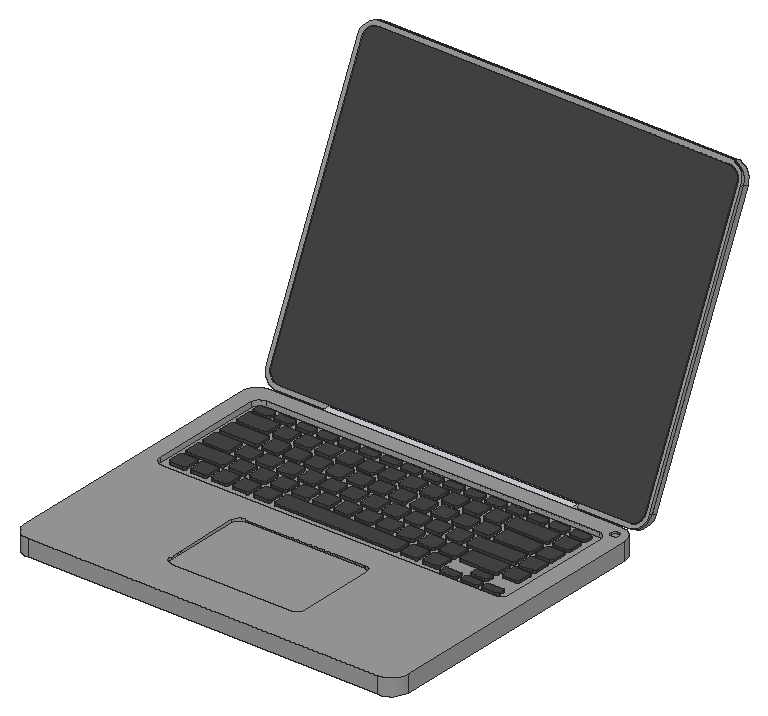
Revit family "MacBook_8440", category Обобщенные модели, Revit 2016 (continued)
Forms (in)
  Extrusion 76, solid, material "Black Key"
    sketch origin (-11.18709, -1.625, 0.6875) x (1, 0, 0) y (0, 1, 0)
      loop
        arc (5.11577, 6.14371) -> (5.07273, 6.12589) -> (5.0549, 6.08285) r 0.06086
        line (5.0549, 6.08285) -> (5.0549, 5.70613)
        arc (5.0549, 5.70613) -> (5.07318, 5.66199) -> (5.11732, 5.64371) r 0.06242
        line (5.11732, 5.64371) -> (5.49166, 5.64371)
        arc (5.49166, 5.64371) -> (5.53638, 5.66223) -> (5.5549, 5.70695) r 0.06324
        line (5.5549, 5.70695) -> (5.5549, 6.08251)
        arc (5.5549, 6.08251) -> (5.53698, 6.12579) -> (5.4937, 6.14371) r 0.0612
        line (5.4937, 6.14371) -> (5.11577, 6.14371)
    from 0 to 0.0625
  Extrusion 77, solid, material "Black Key"
    sketch origin (-11.81209, -1.625, 0.6875) x (1, 0, 0) y (0, 1, 0)
      loop
        arc (5.11577, 6.14371) -> (5.07273, 6.12589) -> (5.0549, 6.08285) r 0.06086
        line (5.0549, 6.08285) -> (5.0549, 5.70613)
        arc (5.0549, 5.70613) -> (5.07318, 5.66199) -> (5.11732, 5.64371) r 0.06242
        line (5.11732, 5.64371) -> (5.49166, 5.64371)
        arc (5.49166, 5.64371) -> (5.53638, 5.66223) -> (5.5549, 5.70695) r 0.06324
        line (5.5549, 5.70695) -> (5.5549, 6.08251)
        arc (5.5549, 6.08251) -> (5.53698, 6.12579) -> (5.4937, 6.14371) r 0.0612
        line (5.4937, 6.14371) -> (5.11577, 6.14371)
    from 0 to 0.0625
  Extrusion 78, solid, material "Black Key"
    sketch origin (-9.31209, -1.625, 0.6875) x (1, 0, 0) y (0, 1, 0)
      loop
        arc (5.11577, 6.14371) -> (5.07273, 6.12589) -> (5.0549, 6.08285) r 0.06086
        line (5.0549, 6.08285) -> (5.0549, 5.70613)
        arc (5.0549, 5.70613) -> (5.07318, 5.66199) -> (5.11732, 5.64371) r 0.06242
        line (5.11732, 5.64371) -> (5.49166, 5.64371)
        arc (5.49166, 5.64371) -> (5.53638, 5.66223) -> (5.5549, 5.70695) r 0.06324
        line (5.5549, 5.70695) -> (5.5549, 6.08251)
        arc (5.5549, 6.08251) -> (5.53698, 6.12579) -> (5.4937, 6.14371) r 0.0612
        line (5.4937, 6.14371) -> (5.11577, 6.14371)
    from 0 to 0.0625
  Extrusion 79, solid, material "Black Key"
    sketch origin (-8.68709, -1.625, 0.6875) x (1, 0, 0) y (0, 1, 0)
      loop
        arc (5.11577, 6.14371) -> (5.07273, 6.12589) -> (5.0549, 6.08285) r 0.06086
        line (5.0549, 6.08285) -> (5.0549, 5.70613)
        arc (5.0549, 5.70613) -> (5.07318, 5.66199) -> (5.11732, 5.64371) r 0.06242
        line (5.11732, 5.64371) -> (5.49166, 5.64371)
        arc (5.49166, 5.64371) -> (5.53638, 5.66223) -> (5.5549, 5.70695) r 0.06324
        line (5.5549, 5.70695) -> (5.5549, 6.08251)
        arc (5.5549, 6.08251) -> (5.53698, 6.12579) -> (5.4937, 6.14371) r 0.0612
        line (5.4937, 6.14371) -> (5.11577, 6.14371)
    from 0 to 0.0625
  Extrusion 80, solid, material "Black Key"
    sketch origin (-8.06209, -1.625, 0.6875) x (1, 0, 0) y (0, 1, 0)
      loop
        arc (5.11577, 6.14371) -> (5.07273, 6.12589) -> (5.0549, 6.08285) r 0.06086
        line (5.0549, 6.08285) -> (5.0549, 5.70613)
        arc (5.0549, 5.70613) -> (5.07318, 5.66199) -> (5.11732, 5.64371) r 0.06242
        line (5.11732, 5.64371) -> (5.49166, 5.64371)
        arc (5.49166, 5.64371) -> (5.53638, 5.66223) -> (5.5549, 5.70695) r 0.06324
        line (5.5549, 5.70695) -> (5.5549, 6.08251)
        arc (5.5549, 6.08251) -> (5.53698, 6.12579) -> (5.4937, 6.14371) r 0.0612
        line (5.4937, 6.14371) -> (5.11577, 6.14371)
    from 0 to 0.0625
  Extrusion 81, solid, material "Black Key"
    sketch origin (-7.43709, -1.625, 0.6875) x (1, 0, 0) y (0, 1, 0)
      loop
        arc (5.11577, 6.14371) -> (5.07273, 6.12589) -> (5.0549, 6.08285) r 0.06086
        line (5.0549, 6.08285) -> (5.0549, 5.70613)
        arc (5.0549, 5.70613) -> (5.07318, 5.66199) -> (5.11732, 5.64371) r 0.06242
        line (5.11732, 5.64371) -> (5.49166, 5.64371)
        arc (5.49166, 5.64371) -> (5.53638, 5.66223) -> (5.5549, 5.70695) r 0.06324
        line (5.5549, 5.70695) -> (5.5549, 6.08251)
        arc (5.5549, 6.08251) -> (5.53698, 6.12579) -> (5.4937, 6.14371) r 0.0612
        line (5.4937, 6.14371) -> (5.11577, 6.14371)
    from 0 to 0.0625
  Extrusion 82, solid, material "Black Key"
    sketch origin (-6.81209, -1.625, 0.6875) x (1, 0, 0) y (0, 1, 0)
      loop
        arc (5.11577, 6.14371) -> (5.07273, 6.12589) -> (5.0549, 6.08285) r 0.06086
        line (5.0549, 6.08285) -> (5.0549, 5.70613)
        arc (5.0549, 5.70613) -> (5.07318, 5.66199) -> (5.11732, 5.64371) r 0.06242
        line (5.11732, 5.64371) -> (5.49166, 5.64371)
        arc (5.49166, 5.64371) -> (5.53638, 5.66223) -> (5.5549, 5.70695) r 0.06324
        line (5.5549, 5.70695) -> (5.5549, 6.08251)
        arc (5.5549, 6.08251) -> (5.53698, 6.12579) -> (5.4937, 6.14371) r 0.0612
        line (5.4937, 6.14371) -> (5.11577, 6.14371)
    from 0 to 0.0625
  Extrusion 83, solid, material "Black Key"
    sketch origin (-6.18709, -1.625, 0.6875) x (1, 0, 0) y (0, 1, 0)
      loop
        arc (5.11577, 6.14371) -> (5.07273, 6.12589) -> (5.0549, 6.08285) r 0.06086
        line (5.0549, 6.08285) -> (5.0549, 5.70613)
        arc (5.0549, 5.70613) -> (5.07318, 5.66199) -> (5.11732, 5.64371) r 0.06242
        line (5.11732, 5.64371) -> (5.49166, 5.64371)
        arc (5.49166, 5.64371) -> (5.53638, 5.66223) -> (5.5549, 5.70695) r 0.06324
        line (5.5549, 5.70695) -> (5.5549, 6.08251)
        arc (5.5549, 6.08251) -> (5.53698, 6.12579) -> (5.4937, 6.14371) r 0.0612
        line (5.4937, 6.14371) -> (5.11577, 6.14371)
    from 0 to 0.0625
  Extrusion 84, solid, material "Black Key"
    sketch origin (-12.43709, -1.625, 0.6875) x (1, 0, 0) y (0, 1, 0)
      loop
        arc (5.11577, 6.14371) -> (5.07273, 6.12589) -> (5.0549, 6.08285) r 0.06086
        line (5.0549, 6.08285) -> (5.0549, 5.70613)
        arc (5.0549, 5.70613) -> (5.07318, 5.66199) -> (5.11732, 5.64371) r 0.06242
        line (5.11732, 5.64371) -> (5.49166, 5.64371)
        arc (5.49166, 5.64371) -> (5.53638, 5.66223) -> (5.5549, 5.70695) r 0.06324
        line (5.5549, 5.70695) -> (5.5549, 6.08251)
        arc (5.5549, 6.08251) -> (5.53698, 6.12579) -> (5.4937, 6.14371) r 0.0612
        line (5.4937, 6.14371) -> (5.11577, 6.14371)
    from 0 to 0.0625
  Extrusion 85, solid, material "Black Key"
    sketch origin (-4, -1, 0.6875) x (1, 0, 0) y (0, 1, 0)
      loop
        arc (5.11577, 6.14371) -> (5.07273, 6.12589) -> (5.0549, 6.08285) r 0.06086
        line (5.0549, 6.08285) -> (5.0549, 5.70613)
        arc (5.0549, 5.70613) -> (5.07318, 5.66199) -> (5.11732, 5.64371) r 0.06242
        line (5.11732, 5.64371) -> (5.49166, 5.64371)
        arc (5.49166, 5.64371) -> (5.53638, 5.66223) -> (5.5549, 5.70695) r 0.06324
        line (5.5549, 5.70695) -> (5.5549, 6.08251)
        arc (5.5549, 6.08251) -> (5.53698, 6.12579) -> (5.4937, 6.14371) r 0.0612
        line (5.4937, 6.14371) -> (5.11577, 6.14371)
    from 0 to 0.0625
  Extrusion 86, solid, material "Black Key"
    sketch origin (-4, -3.24898, 0.6875) x (1, 0, 0) y (0, 1, 0)
      loop
        arc (5.11577, 6.14371) -> (5.07273, 6.12589) -> (5.0549, 6.08285) r 0.06086
        line (5.0549, 6.08285) -> (5.0549, 5.95715)
        arc (5.0549, 5.95715) -> (5.07318, 5.91301) -> (5.11732, 5.89473) r 0.06242
        line (5.11732, 5.89473) -> (5.49166, 5.89473)
        arc (5.49166, 5.89473) -> (5.53638, 5.91325) -> (5.5549, 5.95797) r 0.06324
        line (5.5549, 5.95797) -> (5.5549, 6.08251)
        arc (5.5549, 6.08251) -> (5.53698, 6.12579) -> (5.4937, 6.14371) r 0.0612
        line (5.4937, 6.14371) -> (5.11577, 6.14371)
    from 0 to 0.0625
  Extrusion 87, solid, material "Black Key"
    sketch origin (-5.25, -3.24898, 0.6875) x (1, 0, 0) y (0, 1, 0)
      loop
        arc (5.11577, 6.14371) -> (5.07273, 6.12589) -> (5.0549, 6.08285) r 0.06086
        line (5.0549, 6.08285) -> (5.0549, 5.95715)
        arc (5.0549, 5.95715) -> (5.07318, 5.91301) -> (5.11732, 5.89473) r 0.06242
        line (5.11732, 5.89473) -> (5.49166, 5.89473)
        arc (5.49166, 5.89473) -> (5.53638, 5.91325) -> (5.5549, 5.95797) r 0.06324
        line (5.5549, 5.95797) -> (5.5549, 6.08251)
        arc (5.5549, 6.08251) -> (5.53698, 6.12579) -> (5.4937, 6.14371) r 0.0612
        line (5.4937, 6.14371) -> (5.11577, 6.14371)
    from 0 to 0.0625
  Extrusion 88, solid, material "Black Key"
    sketch origin (-4.625, -3.25, 0.6875) x (1, 0, 0) y (0, 1, 0)
      loop
        arc (5.11577, 6.14371) -> (5.07273, 6.12589) -> (5.0549, 6.08285) r 0.06086
        line (5.0549, 6.08285) -> (5.0549, 5.95715)
        arc (5.0549, 5.95715) -> (5.07318, 5.91301) -> (5.11732, 5.89473) r 0.06242
        line (5.11732, 5.89473) -> (5.49166, 5.89473)
        arc (5.49166, 5.89473) -> (5.53638, 5.91325) -> (5.5549, 5.95797) r 0.06324
        line (5.5549, 5.95797) -> (5.5549, 6.08251)
        arc (5.5549, 6.08251) -> (5.53698, 6.12579) -> (5.4937, 6.14371) r 0.0612
        line (5.4937, 6.14371) -> (5.11577, 6.14371)
    from 0 to 0.0625
  Extrusion 89, void
    sketch origin (0, 0, 0.6875) x (1, 0, 0) y (0, 1, 0)
      loop
        circle (1.9299, 6.51871) r 0.125
    from 0.0357 to 0.0625
  Extrusion 90, solid
    sketch origin (0, 0, 0) x (0, 1, 0) y (0, 0, 1)
      loop
        line (7.13277, 0.60991) -> (7.18021, 0.71165) -> (6.89372, 0.71165) -> (6.89372, 0.60991) -> (7.13277, 0.60991)
    from -7.0701 to 0.3049
  Extrusion 91, solid, material "Aluminum"
    sketch origin (0, 7.04238, -0.17547) x (1, 0, 0) y (0, 0.422618, 0.906308)
      loop
        arc (2.3049, 9.25) -> (2.15845, 9.60355) -> (1.8049, 9.75) r 0.5
        line (1.8049, 9.75) -> (-8.5701, 9.75)
        arc (-8.5701, 9.75) -> (-8.92365, 9.60355) -> (-9.0701, 9.25) r 0.5
        line (-9.0701, 9.25) -> (-9.0701, 1.25)
        arc (-9.0701, 1.25) -> (-8.92365, 0.89645) -> (-8.5701, 0.75) r 0.5
        line (-8.5701, 0.75) -> (1.8049, 0.75)
        arc (1.8049, 0.75) -> (2.15845, 0.89645) -> (2.3049, 1.25) r 0.5
        line (2.3049, 1.25) -> (2.3049, 9.25)
      loop
        spline (-3.59328, 6.15828) -> (-3.59906, 6.11702) -> (-3.6013, 6.07794) -> (-3.60001, 6.04103) -> (-3.59518, 6.00629) -> (-3.58682, 5.97373) -> (-3.57493, 5.94334) -> (-3.55949, 5.91512) -> (-3.54053, 5.88908) -> (-3.51802, 5.86521) -> (-3.49199, 5.84351) -> (-3.46241, 5.82399) -> (-3.42931, 5.80664)
        spline (-3.42931, 5.80664) -> (-3.42131, 5.84316) -> (-3.41726, 5.87836) -> (-3.41715, 5.91225) -> (-3.42097, 5.94483) -> (-3.42872, 5.9761) -> (-3.44042, 6.00606) -> (-3.45605, 6.03471) -> (-3.47562, 6.06205) -> (-3.49913, 6.08807) -> (-3.52658, 6.11279) -> (-3.55796, 6.13619) -> (-3.59328, 6.15828)
      loop
        spline (-3.47661, 5.74751) -> (-3.52176, 5.75028) -> (-3.57431, 5.76211) -> (-3.63007, 5.77774) -> (-3.68491, 5.79194) -> (-3.73468, 5.7995) -> (-3.77728, 5.79809) -> (-3.81366, 5.78973) -> (-3.84502, 5.7768) -> (-3.87256, 5.76167) -> (-3.89768, 5.74641) -> (-3.92401, 5.72915) -> (-3.9567, 5.7055)
        spline (-3.9567, 5.7055) -> (-3.96422, 5.69766) -> (-3.97145, 5.68947) -> (-3.9784, 5.68092) -> (-3.98506, 5.67201) -> (-3.99144, 5.66275) -> (-3.99753, 5.65314) -> (-4.00334, 5.64316) -> (-4.00886, 5.63284) -> (-4.01409, 5.62215) -> (-4.01904, 5.61112) -> (-4.02371, 5.59972) -> (-4.02808, 5.58798)
        arc (-4.02808, 5.58798) -> (-3.81532, 5.35451) -> (-4.00104, 5.09901) r 0.25
        line (-4.00104, 5.09901) -> (-3.91327, 4.87692)
        spline (-3.91327, 4.87692) -> (-3.89509, 4.84998) -> (-3.87074, 4.82166) -> (-3.84136, 4.79419) -> (-3.80805, 4.76984) -> (-3.77196, 4.75086) -> (-3.73419, 4.73946) -> (-3.69538, 4.7362) -> (-3.6553, 4.73888) -> (-3.61367, 4.74505) -> (-3.5702, 4.75225) -> (-3.52461, 4.75802) -> (-3.47661, 4.75992)
        spline (-3.47661, 4.75992) -> (-3.4286, 4.75802) -> (-3.38301, 4.75225) -> (-3.33954, 4.74505) -> (-3.29791, 4.73888) -> (-3.25783, 4.7362) -> (-3.21902, 4.73946) -> (-3.18125, 4.75086) -> (-3.14516, 4.76984) -> (-3.11185, 4.79419) -> (-3.08247, 4.82166) -> (-3.05812, 4.84998) -> (-3.03994, 4.87692)
        spline (-3.03994, 4.87692) -> (-2.99739, 4.95961) -> (-2.96283, 5.03449) -> (-2.93556, 5.10384) -> (-2.91488, 5.16994) -> (-2.90008, 5.23506) -> (-2.89046, 5.30147) -> (-2.88554, 5.37112) -> (-2.88666, 5.44304) -> (-2.89607, 5.51484) -> (-2.91601, 5.58412) -> (-2.94874, 5.64847) -> (-2.99651, 5.7055)
        spline (-2.99651, 5.7055) -> (-3.02664, 5.7282) -> (-3.04281, 5.73996) -> (-3.06006, 5.75139) -> (-3.08473, 5.76509) -> (-3.11713, 5.77809) -> (-3.15746, 5.7873) -> (-3.20589, 5.78963) -> (-3.26174, 5.78336) -> (-3.32122, 5.77171) -> (-3.37985, 5.75897) -> (-3.43314, 5.74947) -> (-3.47661, 5.74751)
    from 0 to 0.1875
  Extrusion 92, solid, material "Apple Logo"
    sketch origin (-14.25, 7.30767, 0.39345) x (1, 0, 0) y (0, 0.422618, 0.906308)
      loop
        spline (10.82069, 5.1789) -> (10.82869, 5.21542) -> (10.83274, 5.25062) -> (10.83285, 5.28451) -> (10.82903, 5.31709) -> (10.82128, 5.34836) -> (10.80958, 5.37832) -> (10.79395, 5.40697) -> (10.77438, 5.43431) -> (10.75087, 5.46033) -> (10.72342, 5.48505) -> (10.69204, 5.50845) -> (10.65672, 5.53054)
        spline (10.65672, 5.53054) -> (10.65094, 5.48929) -> (10.6487, 5.4502) -> (10.64999, 5.41329) -> (10.65482, 5.37856) -> (10.66318, 5.34599) -> (10.67507, 5.3156) -> (10.69051, 5.28739) -> (10.70947, 5.26134) -> (10.73198, 5.23747) -> (10.75801, 5.21578) -> (10.78759, 5.19625) -> (10.82069, 5.1789)
      loop
        spline (10.2933, 5.07777) -> (10.28578, 5.06993) -> (10.27855, 5.06173) -> (10.2716, 5.05318) -> (10.26494, 5.04428) -> (10.25856, 5.03501) -> (10.25247, 5.0254) -> (10.24666, 5.01543) -> (10.24114, 5.0051) -> (10.23591, 4.99442) -> (10.23096, 4.98338) -> (10.22629, 4.97199) -> (10.22192, 4.96024)
        arc (10.22192, 4.96024) -> (10.43468, 4.72678) -> (10.24896, 4.47127) r 0.25
        line (10.24896, 4.47127) -> (10.33673, 4.24919)
        spline (10.33673, 4.24919) -> (10.35491, 4.22225) -> (10.37926, 4.19392) -> (10.40864, 4.16646) -> (10.44195, 4.14211) -> (10.47804, 4.12312) -> (10.51581, 4.11172) -> (10.55462, 4.10846) -> (10.5947, 4.11114) -> (10.63633, 4.11731) -> (10.6798, 4.12451) -> (10.72539, 4.13029) -> (10.77339, 4.13218)
        spline (10.77339, 4.13218) -> (10.8214, 4.13029) -> (10.86699, 4.12451) -> (10.91046, 4.11731) -> (10.95209, 4.11114) -> (10.99217, 4.10846) -> (11.03098, 4.11172) -> (11.06875, 4.12312) -> (11.10484, 4.14211) -> (11.13815, 4.16646) -> (11.16753, 4.19392) -> (11.19188, 4.22225) -> (11.21006, 4.24919)
        spline (11.21006, 4.24919) -> (11.25261, 4.33187) -> (11.28717, 4.40675) -> (11.31444, 4.4761) -> (11.33512, 4.5422) -> (11.34992, 4.60732) -> (11.35954, 4.67374) -> (11.36446, 4.74338) -> (11.36334, 4.8153) -> (11.35393, 4.8871) -> (11.33399, 4.95638) -> (11.30126, 5.02074) -> (11.25349, 5.07777)
        spline (11.25349, 5.07777) -> (11.22336, 5.10046) -> (11.20719, 5.11222) -> (11.18994, 5.12365) -> (11.16527, 5.13735) -> (11.13287, 5.15036) -> (11.09254, 5.15957) -> (11.04411, 5.16189) -> (10.98826, 5.15563) -> (10.92878, 5.14397) -> (10.87015, 5.13124) -> (10.81686, 5.12173) -> (10.77339, 5.11977)
        spline (10.77339, 5.11977) -> (10.72824, 5.12254) -> (10.67569, 5.13437) -> (10.61993, 5.15001) -> (10.56509, 5.16421) -> (10.51532, 5.17177) -> (10.47272, 5.17036) -> (10.43634, 5.16199) -> (10.40498, 5.14906) -> (10.37744, 5.13393) -> (10.35232, 5.11867) -> (10.32599, 5.10141) -> (10.2933, 5.07777)
    from 0 to 0.1875
  Extrusion 93, solid, material "Screen"
    sketch origin (0, 6.89401, -0.10629) x (1, 0, 0) y (0, 0.422618, 0.906308)
      loop
        line (-8.9451, 9.25) -> (-8.9451, 1.25)
        arc (-8.9451, 1.25) -> (-8.83526, 0.98483) -> (-8.5701, 0.875) r 0.375
        line (-8.5701, 0.875) -> (1.8049, 0.875)
        arc (1.8049, 0.875) -> (2.07007, 0.98483) -> (2.1799, 1.25) r 0.375
        line (2.1799, 1.25) -> (2.1799, 9.25)
        arc (2.1799, 9.25) -> (2.07007, 9.51517) -> (1.8049, 9.625) r 0.375
        line (1.8049, 9.625) -> (-8.5701, 9.625)
        arc (-8.5701, 9.625) -> (-8.83526, 9.51517) -> (-8.9451, 9.25) r 0.375
    from 0.02379 to 0.08629
Cuts and joins
  Extrusion 2, Extrusion 3, Extrusion 89 cuts Extrusion 1
Lines and regions (in)
  model lines
    curve 1: line (0, 7.13277, 0.60991) -> (0, 6.89372, 0.60991)
